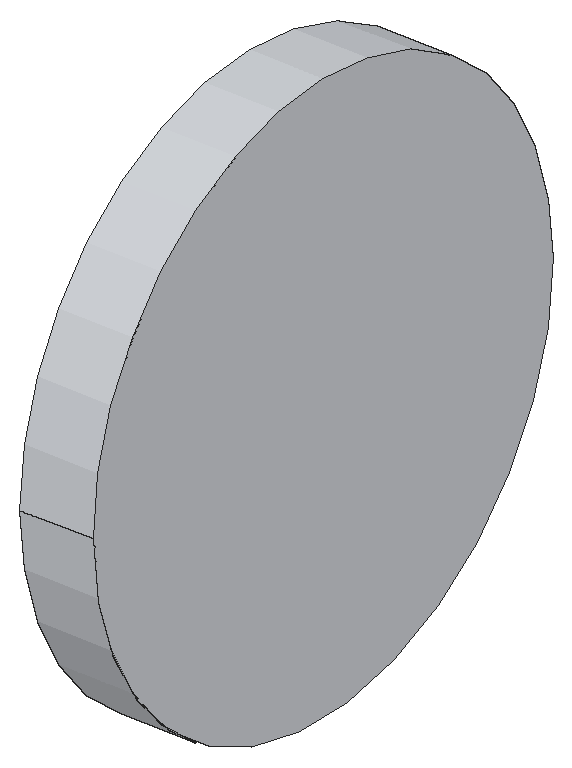
Revit family "M_Flange - Cega - GI - Classe 250", category Conexões de tubo, Revit 2019
Family settings
  Cota do conector redondo = Usar raio
  Tipo de parte = Cobertura
  Número OmniClass = 23.60.30.11.14
  Título OmniClass = Pipework Fittings
  ID de item do Seek = Flange - Blind - GI - Class 250-0000-CAN-ENU
  Com base no plano de trabalho = Não
  Sempre na vertical = Sim
  Corte com vazios quando carregada = Não
  Compartilhado = Não
Parameters (values of type "Padrão")
  Visibilidade 1 [instance] = Diâmetro nominal > 203.2 mm  # no
  Tamanho da marca de revisão [instance] = Diâmetro da flange * 0.4  # 49.6 mm
  Espessura da face elevada [instance] = 1.587 mm  # constant formula
  Raio da face elevada [instance] = Diâmetro da face elevada / 2  # 34 mm
  Diâmetro da face elevada [instance] = size_lookup(Nome da tabela de pesquisa, "RFD", 1.2 * Diâmetro nominal + 50.899 mm, Diâmetro nominal)  # 68 mm
  Raio nominal [instance] = 12.5 mm
  Diâmetro nominal [instance] = Raio nominal * 2  # 25 mm
  Espessura da parede [instance] = size_lookup(Nome da tabela de pesquisa, "WThk", 0.05 * Diâmetro nominal + 9.922 mm, Diâmetro nominal)  # 11.3 mm
  Método de perda = Não definido
  Nome da tabela de pesquisa = "M_Flange - Blind - GI - Class 250"
  Comprimento 4 [instance] = Comprimento 2 * sin(Ângulo)  # 11.262 mm
  Comprimento 2 [instance] = if(Diâmetro da porta + Espessura da parede > Comprimento 1 + Espessura do flange, Diâmetro da porta + Espessura da parede, Comprimento 1 + Espessura do flange + 1.587 mm)  # 40.738 mm
  Comprimento 1 [instance] = Diâmetro da porta * cos(30.00°)  # 21.651 mm
  Raio da porta [instance] = Diâmetro da porta / 2  # 12.5 mm
  Diâmetro da porta [instance] = size_lookup(Nome da tabela de pesquisa, "PDia", 0.97 * Diâmetro nominal + 2.58 mm, Diâmetro nominal)  # 25 mm
  Espessura do flange [instance] = size_lookup(Nome da tabela de pesquisa, "FThk", 0.08 * Diâmetro nominal + 21.53 mm, Diâmetro nominal)  # 17.5 mm
  Raio da flange [instance] = Diâmetro da flange / 2  # 62 mm
  Diâmetro da flange [instance] = size_lookup(Nome da tabela de pesquisa, "FDia", 1.34 * Diâmetro nominal + 106.362 mm, Diâmetro nominal)  # 124 mm
  Ângulo [instance] = acos((Comprimento 1 + Espessura do flange) / Comprimento 2)  # 16.0478°
Reference planes
  plane 1 "Centro (Frente/Trás)": y = 0
  plane 2: z = 0
  plane 3 "Centro (Esquerda/Direita)": x = 0
  plane 4: y = 49.6
  plane 5: y = -49.6
  plane 6: x = 17.5
  plane 7: x = 17.5
  plane 8: x = -21.651
  plane 9: y = 11.262
  plane 10: x = 19.088
  plane 11: x = 1.588
Forms (mm)
  Revolve 1, solid, visible <- "Visibilidade 1", detail levels fine
    sketch origin (0, 0, 0) x (1, 0, 0) y (0, 1, 0)
      loop
        line (17.5, 11.262) -> (17.5, 0) -> (19.088, 0)
        arc (19.088, 0) -> (18.689, 5.686) -> (17.5, 11.262) r 40.738
      axis (19.088, 0) -> (17.5, 0)
    angle from 0 to 360
  Extrusion 2, solid, detail levels fine
    sketch origin (0, 0, 0) x (0, 1, 0) y (0, 0, 1)
      loop
        circle (0, 0) r 34
    from 0 to 1.587
  Extrusion 3, solid, detail levels fine
    sketch origin (0, 0, 0) x (0, 1, 0) y (0, 0, 1)
      loop
        circle (0, 0) r 62
    from 1.587 to 17.5
Cuts and joins
  joined: Extrusion 2, Extrusion 3
Lines and regions (mm)
  model lines, detail levels coarse+medium
    curve 1: line (0, 49.6, 0) -> (0, -49.6, 0)
Dimensions and locks
  equal spacing: plane 4, plane 1 "Centro (Frente/Trás)", plane 5
  "Tamanho da marca de revisão": plane 4 to plane 1 "Centro (Frente/Trás)"
  "Espessura do flange": plane 3 "Centro (Esquerda/Direita)" to plane 6
  "Comprimento 1": plane 8 to plane 3 "Centro (Esquerda/Direita)"
  "Comprimento 4": plane 9 to plane 1 "Centro (Frente/Trás)"
  "Comprimento 2": plane 8 to plane 10
  "Espessura da face elevada": plane 3 "Centro (Esquerda/Direita)" to plane 11
  "Comprimento 2": radius of Revolve 1 sketch curve
  "Raio da face elevada": radius of Extrusion 2 sketch curve
  "Raio da flange": radius of Extrusion 3 sketch curve
  "Ângulo": angle Revolve 1 sketch curve to Revolve 1 sketch curve
  aligned and locked: plane 4 to curve 1
  aligned and locked: plane 5 to curve 1
  aligned and locked: curve 1 to plane 3 "Centro (Esquerda/Direita)"
  aligned and locked: plane 9 to Revolve 1 sketch curve
  aligned and locked: Revolve 1 sketch curve to plane 6
  aligned and locked: plane 1 "Centro (Frente/Trás)" to Revolve 1 sketch curve  (x3)
  aligned and locked: plane 6 to Revolve 1 sketch curve
  aligned and locked: plane 10 to Revolve 1 sketch curve
  aligned and locked: plane 8 to Revolve 1 sketch curve
  aligned and locked: Revolve 1 sketch curve to plane 1 "Centro (Frente/Trás)"
  aligned and locked: plane 1 "Centro (Frente/Trás)" to Extrusion 2 sketch curve
  aligned and locked: plane 2 to Extrusion 2 sketch curve
  aligned and locked: Extrusion 2 to plane 3 "Centro (Esquerda/Direita)"
  aligned and locked: plane 11 to Extrusion 2
  aligned and locked: plane 1 "Centro (Frente/Trás)" to Extrusion 3 sketch curve
  aligned and locked: plane 2 to Extrusion 3 sketch curve
  aligned and locked: Extrusion 3 to plane 11
  aligned and locked: plane 6 to Extrusion 3
Automatic sketch dimensions
  Revolve 1 sketch curve to plane 8 = 1084.059 mm
  Revolve 1 sketch curve to Revolve 1 sketch curve = 1400.353 mm
Connectors
  piping at (0, 0, 0), diameter 25, driven by "Raio nominal"
    settings: on cut or joined group of Extrusion 2, Extrusion 3, index 1, connector inside diameter 25 mm, connector length 0 mm, flow factor 0, pipe flow 0.0 L/s, pressure drop 0.0 Pa, fitting loss kfactor 0, connector angle 0.00°, fixture units 0, engagement length 0 mm, angle of deflection 0.00°, flow configuration 0, flow direction 0, fitting loss method 0, system type 28, joint type 0, gender type 0, connector reference index -1, connector utility 0, adjustable connector no, is connector primary yes, connector description ""
